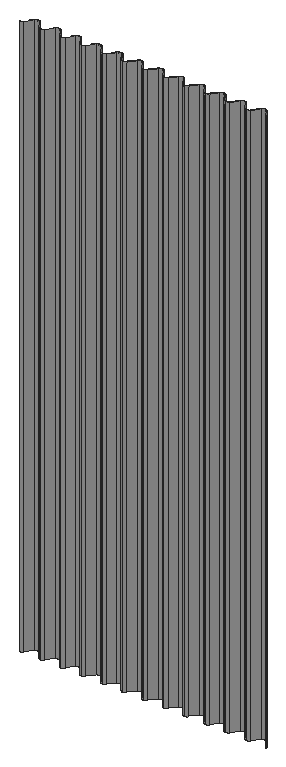
Revit family "Перфорированная панель", category Обобщенные модели, Revit 2021 (continued)
Automatic sketch dimensions
  radius of Extrusion 89 sketch curve = 15 mm
  radius of Extrusion 90 sketch curve = 15 mm
  radius of Extrusion 91 sketch curve = 15 mm
  radius of Extrusion 92 sketch curve = 15 mm
  radius of Extrusion 93 sketch curve = 15 mm
  radius of Extrusion 94 sketch curve = 15 mm
  radius of Extrusion 95 sketch curve = 15 mm
  radius of Extrusion 96 sketch curve = 15 mm
  radius of Extrusion 97 sketch curve = 15 mm
  radius of Extrusion 98 sketch curve = 15 mm
  radius of Extrusion 99 sketch curve = 15 mm
  radius of Extrusion 100 sketch curve = 15 mm
  radius of Extrusion 101 sketch curve = 15 mm
  radius of Extrusion 102 sketch curve = 15 mm
  radius of Extrusion 103 sketch curve = 15 mm
  radius of Extrusion 104 sketch curve = 15 mm
  radius of Extrusion 105 sketch curve = 15 mm
  radius of Extrusion 106 sketch curve = 15 mm
  radius of Extrusion 107 sketch curve = 15 mm
  radius of Extrusion 108 sketch curve = 15 mm
  radius of Extrusion 109 sketch curve = 15 mm
  radius of Extrusion 110 sketch curve = 15 mm
  radius of Extrusion 111 sketch curve = 15 mm
  radius of Extrusion 112 sketch curve = 15 mm
  radius of Extrusion 113 sketch curve = 15 mm
  radius of Extrusion 114 sketch curve = 15 mm
  radius of Extrusion 115 sketch curve = 15 mm
  radius of Extrusion 116 sketch curve = 15 mm
  radius of Extrusion 117 sketch curve = 15 mm
  radius of Extrusion 118 sketch curve = 15 mm
  radius of Extrusion 119 sketch curve = 15 mm
  radius of Extrusion 120 sketch curve = 15 mm
  radius of Extrusion 121 sketch curve = 15 mm
  radius of Extrusion 122 sketch curve = 15 mm
  radius of Extrusion 123 sketch curve = 15 mm
  radius of Extrusion 124 sketch curve = 15 mm
  radius of Extrusion 125 sketch curve = 15 mm
  radius of Extrusion 126 sketch curve = 15 mm
  radius of Extrusion 127 sketch curve = 15 mm
  radius of Extrusion 128 sketch curve = 15 mm
  radius of Extrusion 129 sketch curve = 15 mm
  radius of Extrusion 130 sketch curve = 15 mm
  radius of Extrusion 131 sketch curve = 15 mm
  radius of Extrusion 132 sketch curve = 15 mm
  radius of Extrusion 133 sketch curve = 15 mm
  radius of Extrusion 134 sketch curve = 15 mm
  radius of Extrusion 135 sketch curve = 15 mm
  radius of Extrusion 136 sketch curve = 15 mm
  radius of Extrusion 137 sketch curve = 15 mm
  radius of Extrusion 138 sketch curve = 15 mm
  radius of Extrusion 139 sketch curve = 15 mm
  radius of Extrusion 140 sketch curve = 15 mm
  radius of Extrusion 141 sketch curve = 15 mm
  radius of Extrusion 142 sketch curve = 15 mm
  radius of Extrusion 143 sketch curve = 15 mm
  radius of Extrusion 144 sketch curve = 15 mm
  radius of Extrusion 145 sketch curve = 15 mm
  radius of Extrusion 146 sketch curve = 15 mm
  radius of Extrusion 147 sketch curve = 15 mm
  radius of Extrusion 148 sketch curve = 15 mm
  radius of Extrusion 149 sketch curve = 15 mm
  radius of Extrusion 150 sketch curve = 15 mm
  radius of Extrusion 151 sketch curve = 15 mm
  radius of Extrusion 152 sketch curve = 15 mm
  radius of Extrusion 153 sketch curve = 15 mm
  radius of Extrusion 154 sketch curve = 15 mm
  radius of Extrusion 155 sketch curve = 15 mm
  radius of Extrusion 156 sketch curve = 15 mm
  radius of Extrusion 157 sketch curve = 15 mm
  radius of Extrusion 158 sketch curve = 15 mm
  radius of Extrusion 159 sketch curve = 15 mm
  radius of Extrusion 160 sketch curve = 15 mm
  radius of Extrusion 161 sketch curve = 15 mm
  radius of Extrusion 162 sketch curve = 15 mm
  radius of Extrusion 163 sketch curve = 15 mm
  radius of Extrusion 164 sketch curve = 15 mm
  radius of Extrusion 165 sketch curve = 15 mm
  radius of Extrusion 166 sketch curve = 15 mm
  radius of Extrusion 167 sketch curve = 15 mm
  radius of Extrusion 168 sketch curve = 15 mm
  radius of Extrusion 169 sketch curve = 15 mm
  radius of Extrusion 170 sketch curve = 15 mm
  radius of Extrusion 171 sketch curve = 15 mm
  radius of Extrusion 172 sketch curve = 15 mm
  radius of Extrusion 173 sketch curve = 15 mm
  radius of Extrusion 174 sketch curve = 15 mm
  radius of Extrusion 175 sketch curve = 15 mm
  radius of Extrusion 176 sketch curve = 15 mm
  radius of Extrusion 177 sketch curve = 15 mm
  radius of Extrusion 178 sketch curve = 15 mm
  radius of Extrusion 179 sketch curve = 15 mm
  radius of Extrusion 180 sketch curve = 15 mm
  radius of Extrusion 181 sketch curve = 15 mm
  radius of Extrusion 182 sketch curve = 15 mm
  radius of Extrusion 183 sketch curve = 15 mm
  radius of Extrusion 184 sketch curve = 15 mm
  radius of Extrusion 185 sketch curve = 15 mm
  radius of Extrusion 186 sketch curve = 15 mm
  radius of Extrusion 187 sketch curve = 15 mm
  radius of Extrusion 188 sketch curve = 15 mm
  radius of Extrusion 189 sketch curve = 15 mm
  radius of Extrusion 190 sketch curve = 15 mm
  radius of Extrusion 191 sketch curve = 15 mm
  radius of Extrusion 192 sketch curve = 15 mm
  radius of Extrusion 193 sketch curve = 15 mm
  radius of Extrusion 194 sketch curve = 15 mm
  radius of Extrusion 195 sketch curve = 15 mm
  radius of Extrusion 196 sketch curve = 15 mm
  radius of Extrusion 197 sketch curve = 15 mm
  radius of Extrusion 198 sketch curve = 15 mm
  radius of Extrusion 199 sketch curve = 15 mm
  radius of Extrusion 200 sketch curve = 15 mm
  radius of Extrusion 201 sketch curve = 15 mm
  radius of Extrusion 202 sketch curve = 15 mm
  radius of Extrusion 203 sketch curve = 15 mm
  radius of Extrusion 204 sketch curve = 15 mm
  radius of Extrusion 205 sketch curve = 15 mm
  radius of Extrusion 206 sketch curve = 15 mm
  radius of Extrusion 207 sketch curve = 15 mm
  radius of Extrusion 208 sketch curve = 15 mm
  radius of Extrusion 209 sketch curve = 15 mm
  radius of Extrusion 210 sketch curve = 15 mm
  radius of Extrusion 211 sketch curve = 15 mm
  radius of Extrusion 212 sketch curve = 15 mm
  radius of Extrusion 213 sketch curve = 15 mm
  radius of Extrusion 214 sketch curve = 15 mm
  radius of Extrusion 215 sketch curve = 15 mm
  radius of Extrusion 216 sketch curve = 15 mm
  radius of Extrusion 217 sketch curve = 15 mm
  radius of Extrusion 218 sketch curve = 15 mm
  radius of Extrusion 219 sketch curve = 15 mm
  radius of Extrusion 220 sketch curve = 15 mm
  radius of Extrusion 221 sketch curve = 15 mm
  radius of Extrusion 222 sketch curve = 15 mm
  radius of Extrusion 223 sketch curve = 15 mm
  radius of Extrusion 224 sketch curve = 15 mm
  radius of Extrusion 225 sketch curve = 15 mm
  radius of Extrusion 226 sketch curve = 15 mm
  radius of Extrusion 227 sketch curve = 15 mm
  radius of Extrusion 228 sketch curve = 15 mm
  radius of Extrusion 229 sketch curve = 15 mm
  radius of Extrusion 230 sketch curve = 15 mm
  radius of Extrusion 231 sketch curve = 15 mm
  radius of Extrusion 232 sketch curve = 15 mm
  radius of Extrusion 233 sketch curve = 15 mm
  radius of Extrusion 234 sketch curve = 15 mm
  radius of Extrusion 235 sketch curve = 15 mm
  radius of Extrusion 236 sketch curve = 15 mm
  radius of Extrusion 237 sketch curve = 15 mm
  radius of Extrusion 238 sketch curve = 15 mm
  radius of Extrusion 239 sketch curve = 15 mm
  radius of Extrusion 240 sketch curve = 15 mm
  radius of Extrusion 241 sketch curve = 15 mm
  radius of Extrusion 242 sketch curve = 15 mm
  radius of Extrusion 243 sketch curve = 15 mm
  radius of Extrusion 244 sketch curve = 15 mm
  radius of Extrusion 245 sketch curve = 15 mm
  radius of Extrusion 246 sketch curve = 15 mm
  radius of Extrusion 247 sketch curve = 15 mm
  radius of Extrusion 248 sketch curve = 15 mm
  radius of Extrusion 249 sketch curve = 15 mm
  radius of Extrusion 250 sketch curve = 15 mm
  radius of Extrusion 251 sketch curve = 15 mm
  radius of Extrusion 252 sketch curve = 15 mm
  radius of Extrusion 253 sketch curve = 15 mm
  radius of Extrusion 254 sketch curve = 15 mm
  radius of Extrusion 255 sketch curve = 15 mm
  radius of Extrusion 256 sketch curve = 15 mm
  radius of Extrusion 257 sketch curve = 15 mm
  radius of Extrusion 258 sketch curve = 15 mm
  radius of Extrusion 259 sketch curve = 15 mm
  radius of Extrusion 260 sketch curve = 15 mm
  radius of Extrusion 261 sketch curve = 15 mm
  radius of Extrusion 262 sketch curve = 15 mm
  radius of Extrusion 263 sketch curve = 15 mm
  radius of Extrusion 264 sketch curve = 15 mm
  radius of Extrusion 265 sketch curve = 15 mm
  radius of Extrusion 266 sketch curve = 15 mm
  radius of Extrusion 267 sketch curve = 15 mm
  radius of Extrusion 268 sketch curve = 15 mm
  radius of Extrusion 269 sketch curve = 15 mm
  radius of Extrusion 270 sketch curve = 15 mm
  radius of Extrusion 271 sketch curve = 15 mm
  radius of Extrusion 272 sketch curve = 15 mm
  radius of Extrusion 273 sketch curve = 15 mm
  radius of Extrusion 274 sketch curve = 15 mm
  radius of Extrusion 275 sketch curve = 15 mm
  radius of Extrusion 276 sketch curve = 15 mm
  radius of Extrusion 277 sketch curve = 15 mm
  radius of Extrusion 278 sketch curve = 15 mm
  radius of Extrusion 279 sketch curve = 15 mm
  radius of Extrusion 280 sketch curve = 15 mm
  radius of Extrusion 281 sketch curve = 15 mm
  radius of Extrusion 282 sketch curve = 15 mm
  radius of Extrusion 283 sketch curve = 15 mm
  radius of Extrusion 284 sketch curve = 15 mm
  radius of Extrusion 285 sketch curve = 15 mm
  radius of Extrusion 286 sketch curve = 15 mm
  radius of Extrusion 287 sketch curve = 15 mm
  radius of Extrusion 288 sketch curve = 15 mm
  radius of Extrusion 289 sketch curve = 15 mm
  radius of Extrusion 290 sketch curve = 15 mm
  radius of Extrusion 291 sketch curve = 15 mm
  radius of Extrusion 292 sketch curve = 15 mm
  radius of Extrusion 293 sketch curve = 15 mm
  radius of Extrusion 294 sketch curve = 15 mm
  radius of Extrusion 295 sketch curve = 15 mm
  radius of Extrusion 296 sketch curve = 15 mm
  radius of Extrusion 297 sketch curve = 15 mm
  radius of Extrusion 298 sketch curve = 15 mm
  radius of Extrusion 299 sketch curve = 15 mm
  radius of Extrusion 300 sketch curve = 15 mm
  radius of Extrusion 301 sketch curve = 15 mm
  radius of Extrusion 302 sketch curve = 15 mm
  radius of Extrusion 303 sketch curve = 15 mm
  radius of Extrusion 304 sketch curve = 15 mm
  radius of Extrusion 305 sketch curve = 15 mm
  radius of Extrusion 306 sketch curve = 15 mm
  radius of Extrusion 307 sketch curve = 15 mm
  radius of Extrusion 308 sketch curve = 15 mm
  radius of Extrusion 309 sketch curve = 15 mm
  radius of Extrusion 310 sketch curve = 15 mm
  radius of Extrusion 311 sketch curve = 15 mm
  radius of Extrusion 312 sketch curve = 15 mm
  radius of Extrusion 313 sketch curve = 15 mm
  radius of Extrusion 314 sketch curve = 15 mm
  radius of Extrusion 315 sketch curve = 15 mm
  radius of Extrusion 316 sketch curve = 15 mm
  radius of Extrusion 317 sketch curve = 15 mm
  radius of Extrusion 318 sketch curve = 15 mm
  radius of Extrusion 319 sketch curve = 15 mm
  radius of Extrusion 320 sketch curve = 15 mm
  radius of Extrusion 321 sketch curve = 15 mm
  radius of Extrusion 322 sketch curve = 15 mm
  radius of Extrusion 323 sketch curve = 15 mm
  radius of Extrusion 324 sketch curve = 15 mm
  radius of Extrusion 325 sketch curve = 15 mm
  radius of Extrusion 326 sketch curve = 15 mm
  radius of Extrusion 327 sketch curve = 15 mm
  radius of Extrusion 328 sketch curve = 15 mm
  radius of Extrusion 329 sketch curve = 15 mm
  radius of Extrusion 330 sketch curve = 15 mm
  radius of Extrusion 331 sketch curve = 15 mm
  radius of Extrusion 332 sketch curve = 15 mm
  radius of Extrusion 333 sketch curve = 15 mm
  radius of Extrusion 334 sketch curve = 15 mm
  radius of Extrusion 335 sketch curve = 15 mm
  radius of Extrusion 336 sketch curve = 15 mm
  radius of Extrusion 337 sketch curve = 15 mm
  radius of Extrusion 338 sketch curve = 15 mm
  radius of Extrusion 339 sketch curve = 15 mm
  radius of Extrusion 340 sketch curve = 15 mm
  radius of Extrusion 341 sketch curve = 15 mm
  radius of Extrusion 342 sketch curve = 15 mm
  radius of Extrusion 343 sketch curve = 15 mm
  radius of Extrusion 344 sketch curve = 15 mm
  radius of Extrusion 345 sketch curve = 15 mm
  radius of Extrusion 346 sketch curve = 15 mm
  radius of Extrusion 347 sketch curve = 15 mm
  radius of Extrusion 348 sketch curve = 15 mm
  radius of Extrusion 349 sketch curve = 15 mm
  radius of Extrusion 350 sketch curve = 15 mm
  radius of Extrusion 351 sketch curve = 15 mm
  radius of Extrusion 352 sketch curve = 15 mm
  radius of Extrusion 353 sketch curve = 15 mm
  radius of Extrusion 354 sketch curve = 15 mm
  radius of Extrusion 355 sketch curve = 15 mm
  radius of Extrusion 356 sketch curve = 15 mm
  radius of Extrusion 357 sketch curve = 15 mm
  radius of Extrusion 358 sketch curve = 15 mm
  radius of Extrusion 359 sketch curve = 15 mm
  radius of Extrusion 360 sketch curve = 15 mm
  radius of Extrusion 361 sketch curve = 15 mm
  radius of Extrusion 362 sketch curve = 15 mm
  radius of Extrusion 363 sketch curve = 15 mm
  radius of Extrusion 364 sketch curve = 15 mm
  radius of Extrusion 365 sketch curve = 15 mm
  radius of Extrusion 366 sketch curve = 15 mm
  radius of Extrusion 367 sketch curve = 15 mm
  radius of Extrusion 368 sketch curve = 15 mm
  radius of Extrusion 369 sketch curve = 15 mm
  radius of Extrusion 370 sketch curve = 15 mm
  radius of Extrusion 371 sketch curve = 15 mm
  radius of Extrusion 372 sketch curve = 15 mm
  radius of Extrusion 373 sketch curve = 15 mm
  radius of Extrusion 374 sketch curve = 15 mm
  radius of Extrusion 375 sketch curve = 15 mm
  radius of Extrusion 376 sketch curve = 15 mm
  radius of Extrusion 377 sketch curve = 15 mm
  radius of Extrusion 378 sketch curve = 15 mm
  radius of Extrusion 379 sketch curve = 15 mm
  radius of Extrusion 380 sketch curve = 15 mm
  radius of Extrusion 381 sketch curve = 15 mm
  radius of Extrusion 382 sketch curve = 15 mm
  radius of Extrusion 383 sketch curve = 15 mm
  radius of Extrusion 384 sketch curve = 15 mm
  radius of Extrusion 385 sketch curve = 15 mm
  radius of Extrusion 386 sketch curve = 15 mm
  radius of Extrusion 387 sketch curve = 15 mm
  radius of Extrusion 388 sketch curve = 15 mm
  radius of Extrusion 389 sketch curve = 15 mm
  radius of Extrusion 390 sketch curve = 15 mm
  radius of Extrusion 391 sketch curve = 15 mm
  radius of Extrusion 392 sketch curve = 15 mm
  radius of Extrusion 393 sketch curve = 15 mm
  radius of Extrusion 394 sketch curve = 15 mm
  radius of Extrusion 395 sketch curve = 15 mm
  radius of Extrusion 396 sketch curve = 15 mm
  radius of Extrusion 397 sketch curve = 15 mm
  radius of Extrusion 398 sketch curve = 15 mm
  radius of Extrusion 399 sketch curve = 15 mm
  radius of Extrusion 400 sketch curve = 15 mm
  radius of Extrusion 401 sketch curve = 15 mm
  radius of Extrusion 402 sketch curve = 15 mm
  radius of Extrusion 403 sketch curve = 15 mm
  radius of Extrusion 404 sketch curve = 15 mm
  radius of Extrusion 405 sketch curve = 15 mm
  radius of Extrusion 406 sketch curve = 15 mm
  radius of Extrusion 407 sketch curve = 15 mm
  radius of Extrusion 408 sketch curve = 15 mm
  radius of Extrusion 409 sketch curve = 15 mm
  radius of Extrusion 410 sketch curve = 15 mm
  radius of Extrusion 411 sketch curve = 15 mm
  radius of Extrusion 412 sketch curve = 15 mm
  radius of Extrusion 413 sketch curve = 15 mm
  radius of Extrusion 414 sketch curve = 15 mm
  radius of Extrusion 415 sketch curve = 15 mm
  radius of Extrusion 416 sketch curve = 15 mm
  radius of Extrusion 417 sketch curve = 15 mm
  radius of Extrusion 418 sketch curve = 15 mm
  radius of Extrusion 419 sketch curve = 15 mm
  radius of Extrusion 420 sketch curve = 15 mm
  radius of Extrusion 421 sketch curve = 15 mm
  radius of Extrusion 422 sketch curve = 15 mm
  radius of Extrusion 423 sketch curve = 15 mm
  radius of Extrusion 424 sketch curve = 15 mm
  radius of Extrusion 425 sketch curve = 15 mm
  radius of Extrusion 426 sketch curve = 15 mm
  radius of Extrusion 427 sketch curve = 15 mm
  radius of Extrusion 428 sketch curve = 15 mm
  radius of Extrusion 429 sketch curve = 15 mm
  radius of Extrusion 430 sketch curve = 15 mm
  radius of Extrusion 431 sketch curve = 15 mm
  radius of Extrusion 432 sketch curve = 15 mm
  radius of Extrusion 433 sketch curve = 15 mm
  radius of Extrusion 434 sketch curve = 15 mm
  radius of Extrusion 435 sketch curve = 15 mm
  radius of Extrusion 436 sketch curve = 15 mm
  radius of Extrusion 437 sketch curve = 15 mm
  radius of Extrusion 438 sketch curve = 15 mm
  radius of Extrusion 439 sketch curve = 15 mm
  radius of Extrusion 440 sketch curve = 15 mm
  radius of Extrusion 441 sketch curve = 15 mm
  radius of Extrusion 442 sketch curve = 15 mm
  radius of Extrusion 443 sketch curve = 15 mm
  radius of Extrusion 444 sketch curve = 15 mm
  radius of Extrusion 445 sketch curve = 15 mm
  radius of Extrusion 446 sketch curve = 15 mm
  radius of Extrusion 447 sketch curve = 15 mm
  radius of Extrusion 448 sketch curve = 15 mm
  radius of Extrusion 449 sketch curve = 15 mm
  radius of Extrusion 450 sketch curve = 15 mm
  radius of Extrusion 451 sketch curve = 15 mm
  radius of Extrusion 452 sketch curve = 15 mm
  radius of Extrusion 453 sketch curve = 15 mm
  radius of Extrusion 454 sketch curve = 15 mm
  radius of Extrusion 455 sketch curve = 15 mm
  radius of Extrusion 456 sketch curve = 15 mm
  radius of Extrusion 457 sketch curve = 15 mm
  radius of Extrusion 458 sketch curve = 15 mm
  radius of Extrusion 459 sketch curve = 15 mm
  radius of Extrusion 460 sketch curve = 15 mm
  radius of Extrusion 461 sketch curve = 15 mm
  radius of Extrusion 462 sketch curve = 15 mm
  radius of Extrusion 463 sketch curve = 15 mm
  radius of Extrusion 464 sketch curve = 15 mm
  radius of Extrusion 465 sketch curve = 15 mm
  radius of Extrusion 466 sketch curve = 15 mm
  radius of Extrusion 467 sketch curve = 15 mm
  radius of Extrusion 468 sketch curve = 15 mm
  radius of Extrusion 469 sketch curve = 15 mm
  radius of Extrusion 470 sketch curve = 15 mm
  radius of Extrusion 471 sketch curve = 15 mm
  radius of Extrusion 472 sketch curve = 15 mm
  radius of Extrusion 473 sketch curve = 15 mm
  radius of Extrusion 474 sketch curve = 15 mm
  radius of Extrusion 475 sketch curve = 15 mm
  radius of Extrusion 476 sketch curve = 15 mm
  radius of Extrusion 477 sketch curve = 15 mm
  radius of Extrusion 478 sketch curve = 15 mm
  radius of Extrusion 479 sketch curve = 15 mm
  radius of Extrusion 480 sketch curve = 15 mm
  radius of Extrusion 481 sketch curve = 15 mm
  radius of Extrusion 482 sketch curve = 15 mm
  radius of Extrusion 483 sketch curve = 15 mm
  radius of Extrusion 484 sketch curve = 15 mm
  radius of Extrusion 485 sketch curve = 15 mm
  radius of Extrusion 486 sketch curve = 15 mm
  radius of Extrusion 487 sketch curve = 15 mm
  radius of Extrusion 488 sketch curve = 15 mm
  radius of Extrusion 489 sketch curve = 15 mm
  radius of Extrusion 490 sketch curve = 15 mm
  radius of Extrusion 491 sketch curve = 15 mm
  radius of Extrusion 492 sketch curve = 15 mm
  radius of Extrusion 493 sketch curve = 15 mm
  radius of Extrusion 494 sketch curve = 15 mm
  radius of Extrusion 495 sketch curve = 15 mm
  radius of Extrusion 496 sketch curve = 15 mm
  radius of Extrusion 497 sketch curve = 15 mm
  radius of Extrusion 498 sketch curve = 15 mm
  radius of Extrusion 499 sketch curve = 15 mm
  radius of Extrusion 500 sketch curve = 15 mm
  radius of Extrusion 501 sketch curve = 15 mm
  radius of Extrusion 502 sketch curve = 15 mm
  radius of Extrusion 503 sketch curve = 15 mm
  radius of Extrusion 504 sketch curve = 15 mm
  radius of Extrusion 505 sketch curve = 15 mm
  radius of Extrusion 506 sketch curve = 15 mm
  radius of Extrusion 507 sketch curve = 15 mm
  radius of Extrusion 508 sketch curve = 15 mm
  radius of Extrusion 509 sketch curve = 15 mm
  radius of Extrusion 510 sketch curve = 15 mm
  radius of Extrusion 511 sketch curve = 15 mm
  radius of Extrusion 512 sketch curve = 15 mm
  radius of Extrusion 513 sketch curve = 15 mm
  radius of Extrusion 514 sketch curve = 15 mm
  radius of Extrusion 515 sketch curve = 15 mm
  radius of Extrusion 516 sketch curve = 15 mm
  radius of Extrusion 517 sketch curve = 15 mm
  radius of Extrusion 518 sketch curve = 15 mm
  radius of Extrusion 519 sketch curve = 15 mm
  radius of Extrusion 520 sketch curve = 15 mm
  radius of Extrusion 521 sketch curve = 15 mm
  radius of Extrusion 522 sketch curve = 15 mm
  radius of Extrusion 523 sketch curve = 15 mm
  radius of Extrusion 524 sketch curve = 15 mm
  radius of Extrusion 525 sketch curve = 15 mm
  radius of Extrusion 526 sketch curve = 15 mm
  radius of Extrusion 527 sketch curve = 15 mm
  radius of Extrusion 528 sketch curve = 15 mm
  radius of Extrusion 529 sketch curve = 15 mm
  radius of Extrusion 530 sketch curve = 15 mm
  radius of Extrusion 531 sketch curve = 15 mm
  radius of Extrusion 532 sketch curve = 15 mm
  radius of Extrusion 533 sketch curve = 15 mm
  radius of Extrusion 534 sketch curve = 15 mm
  radius of Extrusion 535 sketch curve = 15 mm
  radius of Extrusion 536 sketch curve = 15 mm
  radius of Extrusion 537 sketch curve = 15 mm
  radius of Extrusion 538 sketch curve = 15 mm
  radius of Extrusion 539 sketch curve = 15 mm
  radius of Extrusion 540 sketch curve = 15 mm
  radius of Extrusion 541 sketch curve = 15 mm
  radius of Extrusion 542 sketch curve = 15 mm
  radius of Extrusion 543 sketch curve = 15 mm
  radius of Extrusion 544 sketch curve = 15 mm
  radius of Extrusion 545 sketch curve = 15 mm
  radius of Extrusion 546 sketch curve = 15 mm
  radius of Extrusion 547 sketch curve = 15 mm
  radius of Extrusion 548 sketch curve = 15 mm
  radius of Extrusion 549 sketch curve = 15 mm
  radius of Extrusion 550 sketch curve = 15 mm
  radius of Extrusion 551 sketch curve = 15 mm
  radius of Extrusion 552 sketch curve = 15 mm
  radius of Extrusion 553 sketch curve = 15 mm
  radius of Extrusion 554 sketch curve = 15 mm
  radius of Extrusion 555 sketch curve = 15 mm
  radius of Extrusion 556 sketch curve = 15 mm
  radius of Extrusion 557 sketch curve = 15 mm
  radius of Extrusion 558 sketch curve = 15 mm
  radius of Extrusion 559 sketch curve = 15 mm
  radius of Extrusion 560 sketch curve = 15 mm
  radius of Extrusion 561 sketch curve = 15 mm
  radius of Extrusion 562 sketch curve = 15 mm
  radius of Extrusion 563 sketch curve = 15 mm
  radius of Extrusion 564 sketch curve = 15 mm
  radius of Extrusion 565 sketch curve = 15 mm
  radius of Extrusion 566 sketch curve = 15 mm
  radius of Extrusion 567 sketch curve = 15 mm
  radius of Extrusion 568 sketch curve = 15 mm
  radius of Extrusion 569 sketch curve = 15 mm
  radius of Extrusion 570 sketch curve = 15 mm
  radius of Extrusion 571 sketch curve = 15 mm
  radius of Extrusion 572 sketch curve = 15 mm
  radius of Extrusion 573 sketch curve = 15 mm
  radius of Extrusion 574 sketch curve = 15 mm
  radius of Extrusion 575 sketch curve = 15 mm
  radius of Extrusion 576 sketch curve = 15 mm
  radius of Extrusion 577 sketch curve = 15 mm
  radius of Extrusion 578 sketch curve = 15 mm
  radius of Extrusion 579 sketch curve = 15 mm
  radius of Extrusion 580 sketch curve = 15 mm
  radius of Extrusion 581 sketch curve = 15 mm
  radius of Extrusion 582 sketch curve = 15 mm
  radius of Extrusion 583 sketch curve = 15 mm
  radius of Extrusion 584 sketch curve = 15 mm
  radius of Extrusion 585 sketch curve = 15 mm
  radius of Extrusion 586 sketch curve = 15 mm
  radius of Extrusion 587 sketch curve = 15 mm
  radius of Extrusion 588 sketch curve = 15 mm
  radius of Extrusion 589 sketch curve = 15 mm
  radius of Extrusion 590 sketch curve = 15 mm
  radius of Extrusion 591 sketch curve = 15 mm
  radius of Extrusion 592 sketch curve = 15 mm
  radius of Extrusion 593 sketch curve = 15 mm
  radius of Extrusion 594 sketch curve = 15 mm
  radius of Extrusion 595 sketch curve = 15 mm
  radius of Extrusion 596 sketch curve = 15 mm
  radius of Extrusion 597 sketch curve = 15 mm
  radius of Extrusion 598 sketch curve = 15 mm
  radius of Extrusion 599 sketch curve = 15 mm
  radius of Extrusion 600 sketch curve = 15 mm
  radius of Extrusion 601 sketch curve = 15 mm
  radius of Extrusion 602 sketch curve = 15 mm
  radius of Extrusion 603 sketch curve = 15 mm
  radius of Extrusion 604 sketch curve = 15 mm
  radius of Extrusion 605 sketch curve = 15 mm
  radius of Extrusion 606 sketch curve = 15 mm
  radius of Extrusion 607 sketch curve = 15 mm
  radius of Extrusion 608 sketch curve = 15 mm
  radius of Extrusion 609 sketch curve = 15 mm
  radius of Extrusion 610 sketch curve = 15 mm
  radius of Extrusion 611 sketch curve = 15 mm
  radius of Extrusion 612 sketch curve = 15 mm
  radius of Extrusion 613 sketch curve = 15 mm
  radius of Extrusion 614 sketch curve = 15 mm
  radius of Extrusion 615 sketch curve = 15 mm
  radius of Extrusion 616 sketch curve = 15 mm
  radius of Extrusion 617 sketch curve = 15 mm
  radius of Extrusion 618 sketch curve = 15 mm
  radius of Extrusion 619 sketch curve = 15 mm
  radius of Extrusion 620 sketch curve = 15 mm
  radius of Extrusion 621 sketch curve = 15 mm
  radius of Extrusion 622 sketch curve = 15 mm
  radius of Extrusion 623 sketch curve = 15 mm
  radius of Extrusion 624 sketch curve = 15 mm
  radius of Extrusion 625 sketch curve = 15 mm
  radius of Extrusion 626 sketch curve = 15 mm
  radius of Extrusion 627 sketch curve = 15 mm
  radius of Extrusion 628 sketch curve = 15 mm
  radius of Extrusion 629 sketch curve = 15 mm
  radius of Extrusion 630 sketch curve = 15 mm
  radius of Extrusion 631 sketch curve = 15 mm
  radius of Extrusion 632 sketch curve = 15 mm
  radius of Extrusion 633 sketch curve = 15 mm
  radius of Extrusion 634 sketch curve = 15 mm
  radius of Extrusion 635 sketch curve = 15 mm
  radius of Extrusion 636 sketch curve = 15 mm
  radius of Extrusion 637 sketch curve = 15 mm
  radius of Extrusion 638 sketch curve = 15 mm
  radius of Extrusion 639 sketch curve = 15 mm
  radius of Extrusion 640 sketch curve = 15 mm
  radius of Extrusion 641 sketch curve = 15 mm
  radius of Extrusion 642 sketch curve = 15 mm
  radius of Extrusion 643 sketch curve = 15 mm
  radius of Extrusion 644 sketch curve = 15 mm
  radius of Extrusion 645 sketch curve = 15 mm
  radius of Extrusion 646 sketch curve = 15 mm
  radius of Extrusion 647 sketch curve = 15 mm
  radius of Extrusion 648 sketch curve = 15 mm
  radius of Extrusion 649 sketch curve = 15 mm
  radius of Extrusion 650 sketch curve = 15 mm
  radius of Extrusion 651 sketch curve = 15 mm
  radius of Extrusion 652 sketch curve = 15 mm
  radius of Extrusion 653 sketch curve = 15 mm
  radius of Extrusion 654 sketch curve = 15 mm
  radius of Extrusion 655 sketch curve = 15 mm
  radius of Extrusion 656 sketch curve = 15 mm
  radius of Extrusion 657 sketch curve = 15 mm
  radius of Extrusion 658 sketch curve = 15 mm
  radius of Extrusion 659 sketch curve = 15 mm
  radius of Extrusion 660 sketch curve = 15 mm
  radius of Extrusion 661 sketch curve = 15 mm
  radius of Extrusion 662 sketch curve = 15 mm
  radius of Extrusion 663 sketch curve = 15 mm
  radius of Extrusion 664 sketch curve = 15 mm
  radius of Extrusion 665 sketch curve = 15 mm
  radius of Extrusion 666 sketch curve = 15 mm
  radius of Extrusion 667 sketch curve = 15 mm
  radius of Extrusion 668 sketch curve = 15 mm
  radius of Extrusion 669 sketch curve = 15 mm
  radius of Extrusion 670 sketch curve = 15 mm
  radius of Extrusion 671 sketch curve = 15 mm
  radius of Extrusion 672 sketch curve = 15 mm
  radius of Extrusion 673 sketch curve = 15 mm
  radius of Extrusion 674 sketch curve = 15 mm
  radius of Extrusion 675 sketch curve = 15 mm
  radius of Extrusion 676 sketch curve = 15 mm
  radius of Extrusion 677 sketch curve = 15 mm
  radius of Extrusion 678 sketch curve = 15 mm
  radius of Extrusion 679 sketch curve = 15 mm
  radius of Extrusion 680 sketch curve = 15 mm
  radius of Extrusion 681 sketch curve = 15 mm
  radius of Extrusion 682 sketch curve = 15 mm
  radius of Extrusion 683 sketch curve = 15 mm
  radius of Extrusion 684 sketch curve = 15 mm
  radius of Extrusion 685 sketch curve = 15 mm
  radius of Extrusion 686 sketch curve = 15 mm
  radius of Extrusion 687 sketch curve = 15 mm
  radius of Extrusion 688 sketch curve = 15 mm
  radius of Extrusion 689 sketch curve = 15 mm
  radius of Extrusion 690 sketch curve = 15 mm
  radius of Extrusion 691 sketch curve = 15 mm
  radius of Extrusion 692 sketch curve = 15 mm
  radius of Extrusion 693 sketch curve = 15 mm
  radius of Extrusion 694 sketch curve = 15 mm
  radius of Extrusion 695 sketch curve = 15 mm
  radius of Extrusion 696 sketch curve = 15 mm
  radius of Extrusion 697 sketch curve = 15 mm
  radius of Extrusion 698 sketch curve = 15 mm
  radius of Extrusion 699 sketch curve = 15 mm
  radius of Extrusion 700 sketch curve = 15 mm
  radius of Extrusion 701 sketch curve = 15 mm
  radius of Extrusion 702 sketch curve = 15 mm
  radius of Extrusion 703 sketch curve = 15 mm
  radius of Extrusion 704 sketch curve = 15 mm
  radius of Extrusion 705 sketch curve = 15 mm
  radius of Extrusion 706 sketch curve = 15 mm
  radius of Extrusion 707 sketch curve = 15 mm
  radius of Extrusion 708 sketch curve = 15 mm
  radius of Extrusion 709 sketch curve = 15 mm
  radius of Extrusion 710 sketch curve = 15 mm
  radius of Extrusion 711 sketch curve = 15 mm
  radius of Extrusion 712 sketch curve = 15 mm
  radius of Extrusion 713 sketch curve = 15 mm
  radius of Extrusion 714 sketch curve = 15 mm
  radius of Extrusion 715 sketch curve = 15 mm
  radius of Extrusion 716 sketch curve = 15 mm
  radius of Extrusion 717 sketch curve = 15 mm
  radius of Extrusion 718 sketch curve = 15 mm
  radius of Extrusion 719 sketch curve = 15 mm
  radius of Extrusion 720 sketch curve = 15 mm
  radius of Extrusion 721 sketch curve = 15 mm
  radius of Extrusion 722 sketch curve = 15 mm
  radius of Extrusion 723 sketch curve = 15 mm
  radius of Extrusion 724 sketch curve = 15 mm
  radius of Extrusion 725 sketch curve = 15 mm
  radius of Extrusion 726 sketch curve = 15 mm
  radius of Extrusion 727 sketch curve = 15 mm
  radius of Extrusion 728 sketch curve = 15 mm
  radius of Extrusion 729 sketch curve = 15 mm
  radius of Extrusion 730 sketch curve = 15 mm
  radius of Extrusion 731 sketch curve = 15 mm
  radius of Extrusion 732 sketch curve = 15 mm
  radius of Extrusion 733 sketch curve = 15 mm
  radius of Extrusion 734 sketch curve = 15 mm
  radius of Extrusion 735 sketch curve = 15 mm
  radius of Extrusion 736 sketch curve = 15 mm
  radius of Extrusion 737 sketch curve = 15 mm
  radius of Extrusion 738 sketch curve = 15 mm
  radius of Extrusion 739 sketch curve = 15 mm
  radius of Extrusion 740 sketch curve = 15 mm
  radius of Extrusion 741 sketch curve = 15 mm
  radius of Extrusion 742 sketch curve = 15 mm
  radius of Extrusion 743 sketch curve = 15 mm
  radius of Extrusion 744 sketch curve = 15 mm
  radius of Extrusion 745 sketch curve = 15 mm
  radius of Extrusion 746 sketch curve = 15 mm
  radius of Extrusion 747 sketch curve = 15 mm
  radius of Extrusion 748 sketch curve = 15 mm
  radius of Extrusion 749 sketch curve = 15 mm
  radius of Extrusion 750 sketch curve = 15 mm
  radius of Extrusion 751 sketch curve = 15 mm
  radius of Extrusion 752 sketch curve = 15 mm
  radius of Extrusion 753 sketch curve = 15 mm
  radius of Extrusion 754 sketch curve = 15 mm
  radius of Extrusion 755 sketch curve = 15 mm
  radius of Extrusion 756 sketch curve = 15 mm
  radius of Extrusion 757 sketch curve = 15 mm
  radius of Extrusion 758 sketch curve = 15 mm
  radius of Extrusion 759 sketch curve = 15 mm
  radius of Extrusion 760 sketch curve = 15 mm
  radius of Extrusion 761 sketch curve = 15 mm
  radius of Extrusion 762 sketch curve = 15 mm
  radius of Extrusion 763 sketch curve = 15 mm
  radius of Extrusion 764 sketch curve = 15 mm
  radius of Extrusion 765 sketch curve = 15 mm
  radius of Extrusion 766 sketch curve = 15 mm
  radius of Extrusion 767 sketch curve = 15 mm
  radius of Extrusion 768 sketch curve = 15 mm
  radius of Extrusion 769 sketch curve = 15 mm
  radius of Extrusion 770 sketch curve = 15 mm
  radius of Extrusion 771 sketch curve = 15 mm
  radius of Extrusion 772 sketch curve = 15 mm
  radius of Extrusion 773 sketch curve = 15 mm
  radius of Extrusion 774 sketch curve = 15 mm
  radius of Extrusion 775 sketch curve = 15 mm
  radius of Extrusion 776 sketch curve = 15 mm
  radius of Extrusion 777 sketch curve = 15 mm
  radius of Extrusion 778 sketch curve = 15 mm
  radius of Extrusion 779 sketch curve = 15 mm
  radius of Extrusion 780 sketch curve = 15 mm
  radius of Extrusion 781 sketch curve = 15 mm
  radius of Extrusion 782 sketch curve = 15 mm
  radius of Extrusion 783 sketch curve = 15 mm
  radius of Extrusion 784 sketch curve = 15 mm
  radius of Extrusion 785 sketch curve = 15 mm
  radius of Extrusion 786 sketch curve = 15 mm
  radius of Extrusion 787 sketch curve = 15 mm
  radius of Extrusion 788 sketch curve = 15 mm
  radius of Extrusion 789 sketch curve = 15 mm
  radius of Extrusion 790 sketch curve = 15 mm
  radius of Extrusion 791 sketch curve = 15 mm
  radius of Extrusion 792 sketch curve = 15 mm
  radius of Extrusion 793 sketch curve = 15 mm
  radius of Extrusion 794 sketch curve = 15 mm
  radius of Extrusion 795 sketch curve = 15 mm
  radius of Extrusion 796 sketch curve = 15 mm
  radius of Extrusion 797 sketch curve = 15 mm
  radius of Extrusion 798 sketch curve = 15 mm
  radius of Extrusion 799 sketch curve = 15 mm
  radius of Extrusion 800 sketch curve = 15 mm
  radius of Extrusion 801 sketch curve = 15 mm
  radius of Extrusion 802 sketch curve = 15 mm
  radius of Extrusion 803 sketch curve = 15 mm
  radius of Extrusion 804 sketch curve = 15 mm
  radius of Extrusion 805 sketch curve = 15 mm
  radius of Extrusion 806 sketch curve = 15 mm
  radius of Extrusion 807 sketch curve = 15 mm
  radius of Extrusion 808 sketch curve = 15 mm
  radius of Extrusion 809 sketch curve = 15 mm
  radius of Extrusion 810 sketch curve = 15 mm
  radius of Extrusion 811 sketch curve = 15 mm
  radius of Extrusion 812 sketch curve = 15 mm
  radius of Extrusion 813 sketch curve = 15 mm
  radius of Extrusion 814 sketch curve = 15 mm
  radius of Extrusion 815 sketch curve = 15 mm
  radius of Extrusion 816 sketch curve = 15 mm
  radius of Extrusion 817 sketch curve = 15 mm
  radius of Extrusion 818 sketch curve = 15 mm
  radius of Extrusion 819 sketch curve = 15 mm
  radius of Extrusion 820 sketch curve = 15 mm
  radius of Extrusion 821 sketch curve = 15 mm
  radius of Extrusion 822 sketch curve = 15 mm
  radius of Extrusion 823 sketch curve = 15 mm
  radius of Extrusion 824 sketch curve = 15 mm
  radius of Extrusion 825 sketch curve = 15 mm
  radius of Extrusion 826 sketch curve = 15 mm
  radius of Extrusion 827 sketch curve = 15 mm
  radius of Extrusion 828 sketch curve = 15 mm
  radius of Extrusion 829 sketch curve = 15 mm
  radius of Extrusion 830 sketch curve = 15 mm
  radius of Extrusion 831 sketch curve = 15 mm
  radius of Extrusion 832 sketch curve = 15 mm
  radius of Extrusion 833 sketch curve = 15 mm
  radius of Extrusion 834 sketch curve = 15 mm
  radius of Extrusion 835 sketch curve = 15 mm
  radius of Extrusion 836 sketch curve = 15 mm
  radius of Extrusion 837 sketch curve = 15 mm
  radius of Extrusion 838 sketch curve = 15 mm
  radius of Extrusion 839 sketch curve = 15 mm
Types (3, lengths in mm): name | 44мм | 32мм | 18мм
  18 мм | no | no | yes
  32 мм | no | yes | no
  44 мм | yes | no | no
